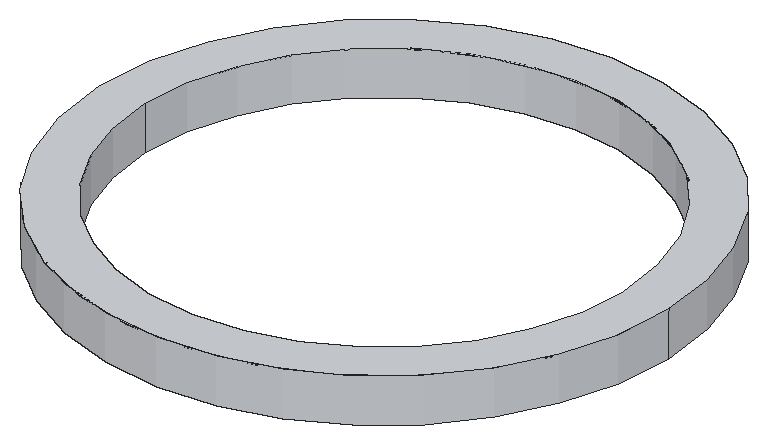
Revit family "LR6", category Generic Models, Revit 2017
Family settings
  Can host rebar = No
  Round Connector Dimension = Use Diameter
  Part Type = Normal
  Work Plane-Based = Yes
  Always vertical = No
  Cut with Voids When Loaded = No
  Shared = No
  Room Calculation Point = No
Parameters (values of type "NBS Standard Parameters")
  Weight = "0.0614Kg"
  WarrantyStartDate [instance] = "1900-12-31T23:59:59"
  WarrantyGuarantorParts = "n/a"
  WarrantyGuarantorLabor = "n/a"
  WarrantyDurationUnit = "year"
  WarrantyDurationParts = "n/a"
  WarrantyDurationLabor = "n/a"
  WarrantyDescription = "n/a"
  Version = "1"
  Uniclass2 = "Pr_65_70_11_20"
  TagNumber [instance] = "n/a"
  SustainabilityPerformance = "n/a"
  Size = "63mm"
  Shape = "Circular"
  SerialNumber [instance] = "n/a"
  Revision = "n/a"
  ReplacementCost = "n/a"
  ProductInformation = "www.metpro.co.uk/pdf/lr6.pdf"
  NominalWidth = 75 mm
  NominalLength = 75 mm
  NominalHeight = 5.8 mm
  Name = ""
  NBSTypeID = ""
  NBSReference = "90-55-10/460"
  NBSOfficeMasterTag = ""
  NBSNote = ""
  NBSDescription = "Conduit Fittings"
  NBSCertification = ""
  ModelReference = "LR6"
  ModelNumber = "n/a"
  Material = "Brass"
  ManufacturerURL = "www.metpro.co.uk"
  ManufacturerName = "Metpro Ltd"
  InstallationDate [instance] = "1900-12-31T23:59:59"
  IfcExportType = ""
  IfcExportAs = ""
  Grade = "n/a"
  Finish = "Self Colour"
  Features = "n/a"
  ExpectedLife = "n/a"
  DurationUnit = "year"
  Description = "LR6 - 63mm Milled Edge Lockring"
  Default Elevation = 1219.2 mm
  Constituents = "n/a"
  Color = "n/a"
  CodePerformance = "n/a"
  Category = "n/a"
  BarCode [instance] = "n/a"
  BIMObjectName = "metpro_metprolibrary_conduitfittings_metalcomponents_brassaccessories"
  Author = "Metpro Ltd"
  AssetType = ""
  AssetIdentifier [instance] = "n/a"
  AccessibilityPerformance = "n/a"
Reference planes
  plane 1 "Center (Front/Back)": y = 0
  plane 2: z = 0
  plane 3 "Center (Left/Right)": x = 0
Forms (mm)
  Extrusion 1, solid
    sketch origin (0, 0, 0) x (1, 0, 0) y (0, 1, 0)
      loop
        circle (0, 0) r 37.5
      loop
        circle (0, 0) r 31.5
    from 0 to 5.8
Dimensions and locks
  aligned and locked: level to plane 2
